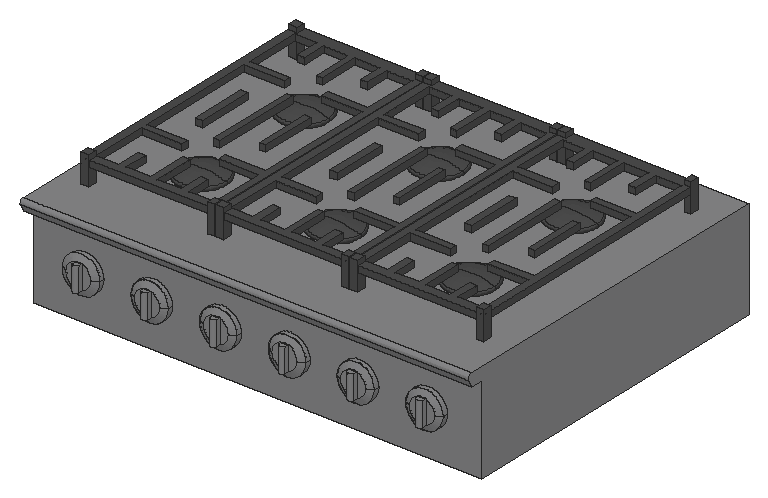
Revit family "DCS_SDA_Data_Sheet_CPV2-366_Cooktop_ISSUE1 Imperial", category Specialty Equipment, Revit 2015
Parameters
  URL = "www.yepsketch.com"
  Model = "DCS_SDA_Data_Sheet_CPV2-366_Cooktop_ISSUE1 Imperial"
  Manufacturer = "Fisher & Paykel"
  Description = "D20 20000"
  Author = "Yepsketch"
Reference planes (in)
  plane 1 "Center (Front/Back)": y = 0
  plane 2: z = 0
  plane 3 "Center (Left/Right)": x = 0
  plane 4: x = 17.9375
  plane 5: x = -17.9375
  plane 6: y = 14.0625
  plane 7: y = -14.0625
  plane 8: z = 9.9375
Forms (in)
  Extrusion 1, solid, material "gray"
    sketch origin (6, 0, -4) x (1, 0, 0) y (0, 1, 0)
      loop
        line (-23.9375, 14.0625) -> (-23.9375, -12.625) -> (11.9375, -12.625) -> (11.9375, 14.0625) -> (-23.9375, 14.0625)
    from 4 to 12
  Extrusion 2, solid, material "Black"
    sketch origin (5, 0, 0) x (1, 0, 0) y (0, 1, 0)
      loop
        line (-21.26891, 11.50318) -> (-21.26891, -9.99682) -> (-10.51891, -9.99682) -> (-10.51891, 11.50318) -> (-21.26891, 11.50318)
      loop
        line (-20.56491, 10.5286) -> (-20.56491, 6.03206) -> (-17.31491, 6.03206) -> (-17.31491, 5.47016) -> (-20.56491, 5.47016) -> (-20.56491, -4.21794) -> (-17.31491, -4.21794) -> (-17.31491, -4.77984) -> (-20.56491, -4.77984) -> (-20.56491, -9.29751) -> (-18.74468, -9.29751) -> (-18.74468, -7.36909) -> (-18.17514, -7.36909) -> (-18.17514, -9.29751) -> (-16.20211, -9.29751) -> (-16.20211, -6.04751) -> (-15.70211, -6.04751) -> (-15.70211, -9.29751) -> (-13.72907, -9.29751) -> (-13.72907, -7.36909) -> (-13.15954, -7.36909) -> (-13.15954, -9.29751) -> (-11.06491, -9.29751) -> (-11.06491, -4.77984) -> (-14.31491, -4.77984) -> (-14.31491, -4.21794) -> (-11.06491, -4.21794) -> (-11.06491, 5.47016) -> (-14.31491, 5.47016) -> (-14.31491, 6.03206) -> (-11.06491, 6.03206) -> (-11.06491, 10.5286) -> (-13.15954, 10.5286) -> (-13.15954, 8.60018) -> (-13.72907, 8.60018) -> (-13.72907, 10.5286) -> (-15.70211, 10.5286) -> (-15.70211, 7.2786) -> (-16.20211, 7.2786) -> (-16.20211, 10.5286) -> (-18.17514, 10.5286) -> (-18.17514, 8.60018) -> (-18.74468, 8.60018) -> (-18.74468, 10.5286) -> (-20.56491, 10.5286)
      loop
        line (-16.20171, 4.27685) -> (-16.20171, -2.97315) -> (-15.70171, -2.97315) -> (-15.70171, 4.27685) -> (-16.20171, 4.27685)
      loop
        line (-13.6126, 2.86554) -> (-13.6126, -1.63446) -> (-13.1126, -1.63446) -> (-13.1126, 2.86554) -> (-13.6126, 2.86554)
      loop
        line (-18.73573, 2.86554) -> (-18.73573, -1.63446) -> (-18.15023, -1.63446) -> (-18.15023, 2.86554) -> (-18.73573, 2.86554)
    from 9.42627 to 9.9375
  Extrusion 3, solid, material "Black"
    sketch origin (5, 0, 0) x (1, 0, 0) y (0, 0, 1)
      loop
        line (-21.26891, 10.2767) -> (-21.26891, 8) -> (-20.56491, 8) -> (-20.56491, 10.2767) -> (-21.26891, 10.2767)
    from -11.50318 to -10.80388
  Extrusion 4, solid, material "Black"
    sketch origin (-26.78888, 20.8007, 0) x (-1, 0, 0) y (0, 0, -1)
      loop
        line (-21.26997, -10.2767) -> (-20.72397, -10.2767) -> (-20.72397, -8) -> (-21.26997, -8) -> (-21.26997, -10.2767)
    from 9.29751 to 9.99682
  Extrusion 5, solid, material "Black"
    sketch origin (-26.78888, 0, 0) x (-1, 0, 0) y (0, 0, -1)
      loop
        line (-21.26997, -10.2767) -> (-20.72397, -10.2767) -> (-20.72397, -8) -> (-21.26997, -8) -> (-21.26997, -10.2767)
    from 9.29751 to 9.99682
  Extrusion 6, solid, material "Black"
    sketch origin (5, -20.75, 0) x (1, 0, 0) y (0, 0, 1)
      loop
        line (-21.26891, 10.2767) -> (-21.26891, 8) -> (-20.56491, 8) -> (-20.56491, 10.2767) -> (-21.26891, 10.2767)
    from -11.45249 to -10.75318
  Extrusion 7, solid, material "Black"
    sketch origin (15.75, 0, 0) x (1, 0, 0) y (0, 1, 0)
      loop
        line (-21.26891, 11.50318) -> (-21.26891, -9.99682) -> (-10.51891, -9.99682) -> (-10.51891, 11.50318) -> (-21.26891, 11.50318)
      loop
        line (-20.56491, 10.5286) -> (-20.56491, 6.03206) -> (-17.31491, 6.03206) -> (-17.31491, 5.47016) -> (-20.56491, 5.47016) -> (-20.56491, -4.21794) -> (-17.31491, -4.21794) -> (-17.31491, -4.77984) -> (-20.56491, -4.77984) -> (-20.56491, -9.29751) -> (-18.74468, -9.29751) -> (-18.74468, -7.36909) -> (-18.17514, -7.36909) -> (-18.17514, -9.29751) -> (-16.20211, -9.29751) -> (-16.20211, -6.04751) -> (-15.70211, -6.04751) -> (-15.70211, -9.29751) -> (-13.72907, -9.29751) -> (-13.72907, -7.36909) -> (-13.15954, -7.36909) -> (-13.15954, -9.29751) -> (-11.06491, -9.29751) -> (-11.06491, -4.77984) -> (-14.31491, -4.77984) -> (-14.31491, -4.21794) -> (-11.06491, -4.21794) -> (-11.06491, 5.47016) -> (-14.31491, 5.47016) -> (-14.31491, 6.03206) -> (-11.06491, 6.03206) -> (-11.06491, 10.5286) -> (-13.15954, 10.5286) -> (-13.15954, 8.60018) -> (-13.72907, 8.60018) -> (-13.72907, 10.5286) -> (-15.70211, 10.5286) -> (-15.70211, 7.2786) -> (-16.20211, 7.2786) -> (-16.20211, 10.5286) -> (-18.17514, 10.5286) -> (-18.17514, 8.60018) -> (-18.74468, 8.60018) -> (-18.74468, 10.5286) -> (-20.56491, 10.5286)
      loop
        line (-16.20171, 4.27685) -> (-16.20171, -2.97315) -> (-15.70171, -2.97315) -> (-15.70171, 4.27685) -> (-16.20171, 4.27685)
      loop
        line (-13.6126, 2.86554) -> (-13.6126, -1.63446) -> (-13.1126, -1.63446) -> (-13.1126, 2.86554) -> (-13.6126, 2.86554)
      loop
        line (-18.73573, 2.86554) -> (-18.73573, -1.63446) -> (-18.15023, -1.63446) -> (-18.15023, 2.86554) -> (-18.73573, 2.86554)
    from 9.42627 to 9.9375
  Extrusion 8, solid, material "Black"
    sketch origin (15.75, 0, 0) x (1, 0, 0) y (0, 0, 1)
      loop
        line (-21.26891, 10.2767) -> (-21.26891, 8) -> (-20.56491, 8) -> (-20.56491, 10.2767) -> (-21.26891, 10.2767)
    from -11.50318 to -10.80388
  Extrusion 9, solid, material "Black"
    sketch origin (-16.03888, 20.8007, 0) x (-1, 0, 0) y (0, 0, -1)
      loop
        line (-21.26997, -10.2767) -> (-20.72397, -10.2767) -> (-20.72397, -8) -> (-21.26997, -8) -> (-21.26997, -10.2767)
    from 9.29751 to 9.99682
  Extrusion 10, solid, material "Black"
    sketch origin (-16.03888, 0, 0) x (-1, 0, 0) y (0, 0, -1)
      loop
        line (-21.26997, -10.2767) -> (-20.72397, -10.2767) -> (-20.72397, -8) -> (-21.26997, -8) -> (-21.26997, -10.2767)
    from 9.29751 to 9.99682
  Extrusion 11, solid, material "Black"
    sketch origin (15.75, -20.75, 0) x (1, 0, 0) y (0, 0, 1)
      loop
        line (-21.26891, 10.2767) -> (-21.26891, 8) -> (-20.56491, 8) -> (-20.56491, 10.2767) -> (-21.26891, 10.2767)
    from -11.45249 to -10.75318
  Extrusion 12, solid, material "Black"
    sketch origin (26.5, 0, 0) x (1, 0, 0) y (0, 1, 0)
      loop
        line (-21.26891, 11.50318) -> (-21.26891, -9.99682) -> (-10.51891, -9.99682) -> (-10.51891, 11.50318) -> (-21.26891, 11.50318)
      loop
        line (-20.56491, 10.5286) -> (-20.56491, 6.03206) -> (-17.31491, 6.03206) -> (-17.31491, 5.47016) -> (-20.56491, 5.47016) -> (-20.56491, -4.21794) -> (-17.31491, -4.21794) -> (-17.31491, -4.77984) -> (-20.56491, -4.77984) -> (-20.56491, -9.29751) -> (-18.74468, -9.29751) -> (-18.74468, -7.36909) -> (-18.17514, -7.36909) -> (-18.17514, -9.29751) -> (-16.20211, -9.29751) -> (-16.20211, -6.04751) -> (-15.70211, -6.04751) -> (-15.70211, -9.29751) -> (-13.72907, -9.29751) -> (-13.72907, -7.36909) -> (-13.15954, -7.36909) -> (-13.15954, -9.29751) -> (-11.06491, -9.29751) -> (-11.06491, -4.77984) -> (-14.31491, -4.77984) -> (-14.31491, -4.21794) -> (-11.06491, -4.21794) -> (-11.06491, 5.47016) -> (-14.31491, 5.47016) -> (-14.31491, 6.03206) -> (-11.06491, 6.03206) -> (-11.06491, 10.5286) -> (-13.15954, 10.5286) -> (-13.15954, 8.60018) -> (-13.72907, 8.60018) -> (-13.72907, 10.5286) -> (-15.70211, 10.5286) -> (-15.70211, 7.2786) -> (-16.20211, 7.2786) -> (-16.20211, 10.5286) -> (-18.17514, 10.5286) -> (-18.17514, 8.60018) -> (-18.74468, 8.60018) -> (-18.74468, 10.5286) -> (-20.56491, 10.5286)
      loop
        line (-16.20171, 4.27685) -> (-16.20171, -2.97315) -> (-15.70171, -2.97315) -> (-15.70171, 4.27685) -> (-16.20171, 4.27685)
      loop
        line (-13.6126, 2.86554) -> (-13.6126, -1.63446) -> (-13.1126, -1.63446) -> (-13.1126, 2.86554) -> (-13.6126, 2.86554)
      loop
        line (-18.73573, 2.86554) -> (-18.73573, -1.63446) -> (-18.15023, -1.63446) -> (-18.15023, 2.86554) -> (-18.73573, 2.86554)
    from 9.42627 to 9.9375
  Extrusion 13, solid, material "Black"
    sketch origin (26.5, 0, 0) x (1, 0, 0) y (0, 0, 1)
      loop
        line (-21.26891, 10.2767) -> (-21.26891, 8) -> (-20.56491, 8) -> (-20.56491, 10.2767) -> (-21.26891, 10.2767)
    from -11.50318 to -10.80388
  Extrusion 14, solid, material "Black"
    sketch origin (-5.28888, 20.8007, 0) x (-1, 0, 0) y (0, 0, -1)
      loop
        line (-21.26997, -10.2767) -> (-20.72397, -10.2767) -> (-20.72397, -8) -> (-21.26997, -8) -> (-21.26997, -10.2767)
    from 9.29751 to 9.99682
  Extrusion 15, solid, material "Black"
    sketch origin (-5.28888, 0, 0) x (-1, 0, 0) y (0, 0, -1)
      loop
        line (-21.26997, -10.2767) -> (-20.72397, -10.2767) -> (-20.72397, -8) -> (-21.26997, -8) -> (-21.26997, -10.2767)
    from 9.29751 to 9.99682
  Extrusion 16, solid, material "Black"
    sketch origin (26.5, -20.75, 0) x (1, 0, 0) y (0, 0, 1)
      loop
        line (-21.26891, 10.2767) -> (-21.26891, 8) -> (-20.56491, 8) -> (-20.56491, 10.2767) -> (-21.26891, 10.2767)
    from -11.45249 to -10.75318
  Extrusion 17, solid, material "gray"
    sketch origin (5.25, 0, 0) x (1, 0, 0) y (0, 0, 1)
      loop
        circle (-19.06919, 3.63942) r 1.5
    from 12.625 to 13
  Blend 18, solid, material "gray"
    base sketch origin (5.25, 0, 0) x (1, 0, 0) y (0, 0, 1)
      loop
        circle (-19.06919, 3.63942) r 1.5
    top sketch origin (5.25, 0, 0) x (1, 0, 0) y (0, 0, 1)
      loop
        circle (-19.06919, 3.63942) r 1
    from 13 to 13.25
  Extrusion 19, solid, material "gray"
    sketch origin (5.25, 0, 0) x (1, 0, 0) y (0, 0, 1)
      loop
        line (-19.3125, 4.59794) -> (-19.3125, 2.67857) -> (-18.79481, 2.67857) -> (-18.79481, 4.59794) -> (-19.3125, 4.59794)
    from 13.17783 to 13.75
  Extrusion 20, void
    sketch origin (5.25, 0, 0) x (1, 0, 0) y (0, 1, 0)
      loop
        arc (-18.77919, -13.46875) -> (-19.05366, -13.74322) -> (-19.32813, -13.46875) r 0.27447
        line (-19.32813, -13.46875) -> (-19.32813, -13.86031) -> (-18.77919, -13.86031) -> (-18.77919, -13.46875)
    from 2.37065 to 4.87933
  Extrusion 21, solid, material "gray"
    sketch origin (10.75, 0, 0) x (1, 0, 0) y (0, 0, 1)
      loop
        circle (-19.06919, 3.63942) r 1.5
    from 12.625 to 13
  Blend 22, solid, material "gray"
    base sketch origin (10.75, 0, 0) x (1, 0, 0) y (0, 0, 1)
      loop
        circle (-19.06919, 3.63942) r 1.5
    top sketch origin (10.75, 0, 0) x (1, 0, 0) y (0, 0, 1)
      loop
        circle (-19.06919, 3.63942) r 1
    from 13 to 13.25
  Extrusion 23, solid, material "gray"
    sketch origin (10.75, 0, 0) x (1, 0, 0) y (0, 0, 1)
      loop
        line (-19.3125, 4.59794) -> (-19.3125, 2.67857) -> (-18.79481, 2.67857) -> (-18.79481, 4.59794) -> (-19.3125, 4.59794)
    from 13.17783 to 13.75
  Extrusion 24, void
    sketch origin (10.75, 0, 0) x (1, 0, 0) y (0, 1, 0)
      loop
        arc (-18.77919, -13.46875) -> (-19.05366, -13.74322) -> (-19.32813, -13.46875) r 0.27447
        line (-19.32813, -13.46875) -> (-19.32813, -13.86031) -> (-18.77919, -13.86031) -> (-18.77919, -13.46875)
    from 2.10934 to 4.59794
  Extrusion 25, solid, material "gray"
    sketch origin (16.25, 0, 0) x (1, 0, 0) y (0, 0, 1)
      loop
        circle (-19.06919, 3.63942) r 1.5
    from 12.625 to 13
  Blend 26, solid, material "gray"
    base sketch origin (16.25, 0, 0) x (1, 0, 0) y (0, 0, 1)
      loop
        circle (-19.06919, 3.63942) r 1.5
    top sketch origin (16.25, 0, 0) x (1, 0, 0) y (0, 0, 1)
      loop
        circle (-19.06919, 3.63942) r 1
    from 13 to 13.25
  Extrusion 27, solid, material "gray"
    sketch origin (16.25, 0, 0) x (1, 0, 0) y (0, 0, 1)
      loop
        line (-19.3125, 4.59794) -> (-19.3125, 2.67857) -> (-18.79481, 2.67857) -> (-18.79481, 4.59794) -> (-19.3125, 4.59794)
    from 13.17783 to 13.75
  Extrusion 28, void
    sketch origin (16.25, 0, 0) x (1, 0, 0) y (0, 1, 0)
      loop
        arc (-18.77919, -13.46875) -> (-19.05366, -13.74322) -> (-19.32813, -13.46875) r 0.27447
        line (-19.32813, -13.46875) -> (-19.32813, -13.86031) -> (-18.77919, -13.86031) -> (-18.77919, -13.46875)
    from 2.10934 to 4.59794
  Extrusion 29, solid, material "gray"
    sketch origin (27.25, 0, 0) x (1, 0, 0) y (0, 0, 1)
      loop
        circle (-19.06919, 3.63942) r 1.5
    from 12.625 to 13
  Blend 30, solid, material "gray"
    base sketch origin (27.25, 0, 0) x (1, 0, 0) y (0, 0, 1)
      loop
        circle (-19.06919, 3.63942) r 1.5
    top sketch origin (27.25, 0, 0) x (1, 0, 0) y (0, 0, 1)
      loop
        circle (-19.06919, 3.63942) r 1
    from 13 to 13.25
  Extrusion 31, solid, material "gray"
    sketch origin (27.25, 0, 0) x (1, 0, 0) y (0, 0, 1)
      loop
        line (-19.3125, 4.59794) -> (-19.3125, 2.67857) -> (-18.79481, 2.67857) -> (-18.79481, 4.59794) -> (-19.3125, 4.59794)
    from 13.17783 to 13.75
  Extrusion 32, void
    sketch origin (27.25, 0, 0) x (1, 0, 0) y (0, 1, 0)
      loop
        arc (-18.77919, -13.46875) -> (-19.05366, -13.74322) -> (-19.32813, -13.46875) r 0.27447
        line (-19.32813, -13.46875) -> (-19.32813, -13.86031) -> (-18.77919, -13.86031) -> (-18.77919, -13.46875)
    from 2.10934 to 4.59794
  Extrusion 33, solid, material "gray"
    sketch origin (32.75, 0, 0) x (1, 0, 0) y (0, 0, 1)
      loop
        circle (-19.06919, 3.63942) r 1.5
    from 12.625 to 13
  Blend 34, solid, material "gray"
    base sketch origin (32.75, 0, 0) x (1, 0, 0) y (0, 0, 1)
      loop
        circle (-19.06919, 3.63942) r 1.5
    top sketch origin (32.75, 0, 0) x (1, 0, 0) y (0, 0, 1)
      loop
        circle (-19.06919, 3.63942) r 1
    from 13 to 13.25
  Extrusion 35, solid, material "gray"
    sketch origin (32.75, 0, 0) x (1, 0, 0) y (0, 0, 1)
      loop
        line (-19.3125, 4.59794) -> (-19.3125, 2.67857) -> (-18.79481, 2.67857) -> (-18.79481, 4.59794) -> (-19.3125, 4.59794)
    from 13.17783 to 13.75
  Extrusion 36, void
    sketch origin (32.75, 0, 0) x (1, 0, 0) y (0, 1, 0)
      loop
        arc (-18.77919, -13.46875) -> (-19.05366, -13.74322) -> (-19.32813, -13.46875) r 0.27447
        line (-19.32813, -13.46875) -> (-19.32813, -13.86031) -> (-18.77919, -13.86031) -> (-18.77919, -13.46875)
    from 2.10934 to 4.59794
  Revolve 37, solid, material "Black"
    sketch origin (5.36666, 5.74142, -0.67974) x (1, 0, 0) y (0, 0, 1)
      loop
        line (-16.31837, 9.27803) -> (-16.31837, 8.69622) -> (-14.42774, 8.69622)
        arc (-14.42774, 8.69622) -> (-14.30321, 8.81043) -> (-14.40625, 8.94436) r 0.125
        arc (-14.40625, 8.94436) -> (-15.34439, 9.21391) -> (-16.31837, 9.27803) r 4.5686
      axis (-16.31837, 9.27803) -> (-16.31837, 8.69622)
    angle from 0 to 360
  Revolve 38, solid, material "Black"
    sketch origin (16.11666, 5.74142, -0.67974) x (1, 0, 0) y (0, 0, 1)
      loop
        line (-16.31837, 9.27803) -> (-16.31837, 8.69622) -> (-14.42774, 8.69622)
        arc (-14.42774, 8.69622) -> (-14.30321, 8.81043) -> (-14.40625, 8.94436) r 0.125
        arc (-14.40625, 8.94436) -> (-15.34439, 9.21391) -> (-16.31837, 9.27803) r 4.5686
      axis (-16.31837, 9.27803) -> (-16.31837, 8.69622)
    angle from 0 to 360
  Revolve 39, solid, material "Black"
    sketch origin (26.86666, 5.74142, -0.67974) x (1, 0, 0) y (0, 0, 1)
      loop
        line (-16.31837, 9.27803) -> (-16.31837, 8.69622) -> (-14.42774, 8.69622)
        arc (-14.42774, 8.69622) -> (-14.30321, 8.81043) -> (-14.40625, 8.94436) r 0.125
        arc (-14.40625, 8.94436) -> (-15.34439, 9.21391) -> (-16.31837, 9.27803) r 4.5686
      axis (-16.31837, 9.27803) -> (-16.31837, 8.69622)
    angle from 0 to 360
  Revolve 40, solid, material "Black"
    sketch origin (26.86666, -4.51033, -0.67974) x (1, 0, 0) y (0, 0, 1)
      loop
        line (-16.31837, 9.27803) -> (-16.31837, 8.69622) -> (-14.42774, 8.69622)
        arc (-14.42774, 8.69622) -> (-14.30321, 8.81043) -> (-14.40625, 8.94436) r 0.125
        arc (-14.40625, 8.94436) -> (-15.34439, 9.21391) -> (-16.31837, 9.27803) r 4.5686
      axis (-16.31837, 9.27803) -> (-16.31837, 8.69622)
    angle from 0 to 360
  Revolve 41, solid, material "Black"
    sketch origin (16.11706, -4.51033, -0.67974) x (1, 0, 0) y (0, 0, 1)
      loop
        line (-16.31837, 9.27803) -> (-16.31837, 8.69622) -> (-14.42774, 8.69622)
        arc (-14.42774, 8.69622) -> (-14.30321, 8.81043) -> (-14.40625, 8.94436) r 0.125
        arc (-14.40625, 8.94436) -> (-15.34439, 9.21391) -> (-16.31837, 9.27803) r 4.5686
      axis (-16.31837, 9.27803) -> (-16.31837, 8.69622)
    angle from 0 to 360
  Revolve 42, solid, material "Black"
    sketch origin (5.36706, -4.51033, -0.67974) x (1, 0, 0) y (0, 0, 1)
      loop
        line (-16.31837, 9.27803) -> (-16.31837, 8.69622) -> (-14.42774, 8.69622)
        arc (-14.42774, 8.69622) -> (-14.30321, 8.81043) -> (-14.40625, 8.94436) r 0.125
        arc (-14.40625, 8.94436) -> (-15.34439, 9.21391) -> (-16.31837, 9.27803) r 4.5686
      axis (-16.31837, 9.27803) -> (-16.31837, 8.69622)
    angle from 0 to 360
  Revolve 43, solid, material "gray"
    sketch origin (0, 13.25, -0.27594) x (1, 0, 0) y (0, 0, 1)
      loop
        line (-13.30258, -2.47406) -> (-13.19713, -2.47406) -> (-13.19713, -0.12761) -> (-12.94713, -0.12761) -> (-12.94713, 0.27594) -> (-13.30258, 0.27594) -> (-13.30258, -2.47406)
      axis (-13.30258, 0.27594) -> (-13.30258, -2.47406)
    angle from 0 to 360
  Revolve 44, solid
    sketch origin (4.5, 13.25, -0.21878) x (1, 0, 0) y (0, 0, 1)
      loop
        line (-20.74496, 0.21878) -> (-20.74496, -4.13834) -> (-19.99496, -4.13834) -> (-19.99496, -0.46766) -> (-20.31769, -0.46766) -> (-20.31769, 0.21878) -> (-20.74496, 0.21878)
      axis (-20.74496, 0.21878) -> (-20.74496, -4.13834)
    angle from 0 to 360
  Extrusion 45, solid
    sketch origin (4.5, 13.25, -0.21878) x (1, 0, 0) y (0, 0, 1)
      loop
        line (-22.20935, -0.81002) -> (-22.20935, -3.9603) -> (-19.36573, -3.9603) -> (-19.36573, -0.81002) -> (-22.20935, -0.81002)
    from -0.83521 to 0.83522
  Blend 46, solid
    base sketch origin (4.5, 13.25, -0.21878) x (1, 0, 0) y (0, 0, 1)
      loop
        circle (-20.78754, -2.42698) r 1.16161
    top sketch origin (4.5, 0, -0.21878) x (1, 0, 0) y (0, 0, 1)
      loop
        circle (-20.78754, -2.42698) r 0.91768
    from 0.83522 to -12.25
  Extrusion 47, solid
    sketch origin (4.5, 13.25, -0.21878) x (1, 0, 0) y (0, 0, 1)
      loop
        circle (-20.79683, -2.41769) r 0.5
    from 1 to 1.74247
  Extrusion 48, solid, material "gray"
    sketch origin (21.75, 0, 0) x (1, 0, 0) y (0, 0, 1)
      loop
        circle (-19.06919, 3.63942) r 1.5
    from 12.625 to 13
  Blend 49, solid, material "gray"
    base sketch origin (21.75, 0, 0) x (1, 0, 0) y (0, 0, 1)
      loop
        circle (-19.06919, 3.63942) r 1.5
    top sketch origin (21.75, 0, 0) x (1, 0, 0) y (0, 0, 1)
      loop
        circle (-19.06919, 3.63942) r 1
    from 13 to 13.25
  Extrusion 50, solid, material "gray"
    sketch origin (21.75, 0, 0) x (1, 0, 0) y (0, 0, 1)
      loop
        line (-19.3125, 4.59794) -> (-19.3125, 2.67857) -> (-18.79481, 2.67857) -> (-18.79481, 4.59794) -> (-19.3125, 4.59794)
    from 13.17783 to 13.75
  Extrusion 51, void
    sketch origin (21.75, 0, 0) x (1, 0, 0) y (0, 1, 0)
      loop
        arc (-18.77919, -13.46875) -> (-19.05366, -13.74322) -> (-19.32813, -13.46875) r 0.27447
        line (-19.32813, -13.46875) -> (-19.32813, -13.86031) -> (-18.77919, -13.86031) -> (-18.77919, -13.46875)
    from 2.10934 to 4.59794
  Extrusion 52, solid, material "gray"
    sketch origin (0, 0, 0) x (0, 1, 0) y (0, 0, 1)
      loop
        line (-12.625, 8) -> (-13.625, 8)
        arc (-13.625, 8) -> (-13.875, 7.86986) -> (-13.91179, 7.59042) r 0.30519
        line (-13.91179, 7.59042) -> (-13.59261, 7.03759) -> (-12.625, 7.03759) -> (-12.625, 8)
    from -17.9375 to 17.9375
Cuts and joins
  Extrusion 20, Extrusion 24 cuts Extrusion 17
  Extrusion 20, Extrusion 24 cuts Blend 18
  Extrusion 20, Extrusion 24 cuts Extrusion 19
  joined: Extrusion 17, Blend 18, Extrusion 19
  Extrusion 24, Extrusion 28 cuts Extrusion 23
  Extrusion 28, Extrusion 32 cuts Extrusion 27
  Extrusion 32, Extrusion 36, Extrusion 51 cuts Extrusion 31
  Extrusion 36 cuts Extrusion 35
  Extrusion 51 cuts Extrusion 50
  joined: Extrusion 1, Extrusion 52
Dimensions and locks (in)
  aligned and locked: level to plane 2
